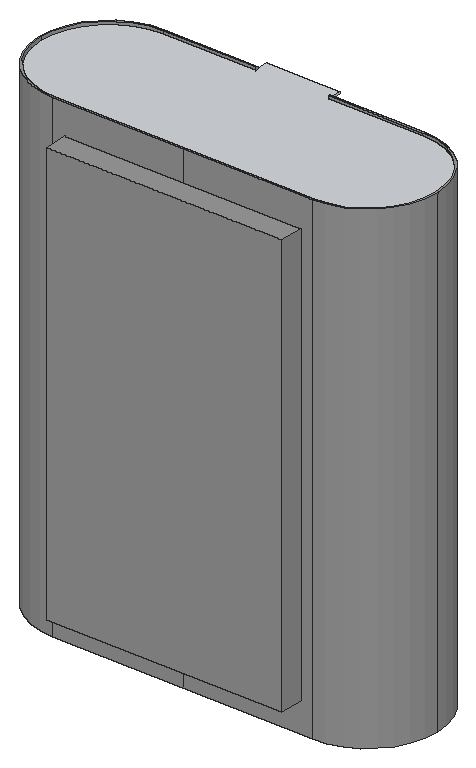
Revit family "3305 Björk_Sanitary bin", category Furniture Systems, host Wall, Revit 2017
Family settings
  Host = Wall
  Round Connector Dimension = Use Diameter
  Part Type = Normal
  Always vertical = Yes
  Cut with Voids When Loaded = No
  Shared = No
  Room Calculation Point = No
Parameters (values of type "BLACK")
  Surface Top = BLACK
  Surface Frame = BLACK
  Surface Bottom = BLACK
  Open = no
  Offset from floor = 150 mm
  Closed = yes
Reference planes
  plane 1 "Wall": y = 0
  plane 2 "Center (Left/Right)": x = 125
  plane 3 "Back": y = 75
Text (mm)
  text "Placement Side" at (-1848.837, 1116.779, 0), in view "Ref. Level"
  text "Placement side" at (0, 1409.804, 2854.306), in view "Left"
  text "Placement side" at (0, 499.811, 2980.732), in view "Right"
Dimensions and locks
  locked: plane 3 "Back" to host wall
  "Offset from floor": nested 1 to level
  aligned and locked: plane 1 "Wall" to host wall
  aligned and locked: plane 3 "Back" to nested 1
Nested families
  nested 1: "Master Björk Sanitary bin" at (125, 151.5, 150) x (-1, 0, 0) z (0, 0, 1), type "Master Björk Sanitary bin"
    with Open no
Definition of nested family "Master Björk Sanitary bin"
  Parameters (values of type "Master Björk Sanitary bin")
    Surface Top = none
    Surface Frame = none
    Surface Bottom = none
    Open = yes
    Closed = yes
  Reference planes
    plane 1 "Center (Front/Back)": y = 0
    plane 2: z = 0
    plane 3 "Center (Left/Right)": x = 0
  Dimensions and locks
    aligned and locked: level to plane 2
  Nested families
    nested 1: "Top - Bottom" at (0, 0, 0), visible <- "Closed", type "Top - Bottom"
    nested 2: "Frame" at (0, 0, 0), type "Frame"
    nested 3: "Top - Bottom Open" at (0, 0, 0), visible <- "Open", type "Top - Bottom Open"
  Definition of nested family "Top - Bottom"
    Parameters (values of type "Top - Bottom")
      Surface Frame = none
      Surface Bottom = none
    Reference planes
      plane 1 "Center (Front/Back)": y = 0
      plane 2: z = 0
      plane 3 "Center (Left/Right)": x = 0
    Forms (mm)
      Extrusion 1, solid, material <- "Surface Bottom"
        sketch origin (0, 129.723, 20) x (0, -1, 0) y (1, 0, 0)
          loop
            arc (73.723, -107.5) -> (90.125, -147.098) -> (129.723, -163.5) r 56
            arc (129.723, -163.5) -> (169.321, -147.098) -> (185.723, -107.5) r 56
            line (185.723, -107.5) -> (185.723, 107.5)
            arc (185.723, 107.5) -> (169.321, 147.098) -> (129.723, 163.5) r 56
            arc (129.723, 163.5) -> (90.125, 147.098) -> (73.723, 107.5) r 56
            line (73.723, 107.5) -> (73.723, -107.5)
        from 0 to 1.5
      Extrusion 2, solid
        sketch origin (0, 129.723, 396.5) x (0, -1, 0) y (1, 0, 0)
          loop
            arc (73.723, -107.5) -> (90.125, -147.098) -> (129.723, -163.5) r 56
            arc (129.723, -163.5) -> (169.321, -147.098) -> (185.723, -107.5) r 56
            line (185.723, -107.5) -> (185.723, -30) -> (197.223, -30) -> (197.223, 0) -> (197.223, 30) -> (185.723, 30) -> (185.723, 107.5)
            arc (185.723, 107.5) -> (169.321, 147.098) -> (129.723, 163.5) r 56
            arc (129.723, 163.5) -> (90.125, 147.098) -> (73.723, 107.5) r 56
            line (73.723, 107.5) -> (73.723, -107.5)
        from 0 to 1.5
    Lines and regions (mm)
      reference lines
        curve 1: line (0, 129.723, 396.5) -> (0, -190.277, 396.5)
        curve 2: line (0, 129.723, 20) -> (0, -150.277, 20)
    Dimensions and locks
      aligned and locked: level to plane 2
  Definition of nested family "Frame"
    Parameters (values of type "Frame")
      Surface Top = none
      Surface Frame = none
      Surface Bottom = none
    Reference planes
      plane 1 "Center (Front/Back)": y = 0
      plane 2: z = 0
      plane 3 "Center (Left/Right)": x = 0
    Forms (mm)
      Extrusion 1, solid, material <- "Surface Frame"
        sketch origin (0, 0, 0) x (1, 0, 0) y (0, 1, 0)
          loop
            line (0, 57.5) -> (-107.5, 57.5)
            arc (-107.5, 57.5) -> (-148.159, 40.659) -> (-165, 0) r 57.5
            arc (-165, 0) -> (-148.159, -40.659) -> (-107.5, -57.5) r 57.5
            line (-107.5, -57.5) -> (0, -57.5) -> (107.5, -57.5)
            arc (107.5, -57.5) -> (148.159, -40.659) -> (165, 0) r 57.5
            arc (165, 0) -> (148.159, 40.659) -> (107.5, 57.5) r 57.5
            line (107.5, 57.5) -> (0, 57.5)
          loop
            arc (-107.5, 56) -> (-147.098, 39.598) -> (-163.5, 0) r 56
            arc (-163.5, 0) -> (-147.098, -39.598) -> (-107.5, -56) r 56
            line (-107.5, -56) -> (107.5, -56)
            arc (107.5, -56) -> (147.098, -39.598) -> (163.5, 0) r 56
            arc (163.5, 0) -> (147.098, 39.598) -> (107.5, 56) r 56
            line (107.5, 56) -> (-107.5, 56)
        from 0 to 400
      Extrusion 2, solid, material <- "Surface Frame"
        sketch origin (0, 57.5, 0) x (-1, 0, 0) y (0, 0, 1)
          loop
            line (-97.5, 375) -> (-97.5, 25) -> (97.5, 25) -> (97.5, 375) -> (-97.5, 375)
        from 0 to 19
      Extrusion 3, void
        sketch origin (0, 0, 0) x (1, 0, 0) y (0, 1, 0)
          loop
            line (-30, -53.768) -> (-30, -68.768) -> (30, -68.768) -> (30, -53.768) -> (-30, -53.768)
        from 396.5 to 403.782
    Cuts and joins
      Extrusion 3 cuts Extrusion 1
    Dimensions and locks
      cut or joined group of Extrusion 1, Extrusion 3 to cut or joined group of Extrusion 1, Extrusion 3 = 3.5 mm
      aligned and locked: level to plane 2
  Definition of nested family "Top - Bottom Open"
    Parameters (values of type "Top - Bottom Open")
      Surface Frame = none
      Surface Bottom = none
    Reference planes
      plane 1 "Center (Front/Back)": y = 0
      plane 2: z = 0
      plane 3 "Center (Left/Right)": x = 0
    Forms (mm)
      Extrusion 1, solid, material <- "Surface Bottom"
        sketch origin (0, 129.723, 20) x (0, -1, 0) y (1, 0, 0)
          loop
            arc (73.723, -107.5) -> (90.125, -147.098) -> (129.723, -163.5) r 56
            arc (129.723, -163.5) -> (169.321, -147.098) -> (185.723, -107.5) r 56
            line (185.723, -107.5) -> (185.723, 107.5)
            arc (185.723, 107.5) -> (169.321, 147.098) -> (129.723, 163.5) r 56
            arc (129.723, 163.5) -> (90.125, 147.098) -> (73.723, 107.5) r 56
            line (73.723, 107.5) -> (73.723, -107.5)
        from 0 to 1.5
      Extrusion 2, solid
        sketch origin (0, 54.5, 324.277) x (0, 0, 1) y (1, 0, 0)
          loop
            arc (73.723, -107.5) -> (90.125, -147.098) -> (129.723, -163.5) r 56
            arc (129.723, -163.5) -> (169.321, -147.098) -> (185.723, -107.5) r 56
            line (185.723, -107.5) -> (185.723, -30) -> (197.223, -30) -> (197.223, 0) -> (197.223, 30) -> (185.723, 30) -> (185.723, 107.5)
            arc (185.723, 107.5) -> (169.321, 147.098) -> (129.723, 163.5) r 56
            arc (129.723, 163.5) -> (90.125, 147.098) -> (73.723, 107.5) r 56
            line (73.723, 107.5) -> (73.723, -107.5)
        from 0 to 1.5
    Lines and regions (mm)
      reference lines
        curve 1: line (0, 129.723, 396.5) -> (0, -190.277, 396.5)
        curve 2: line (0, 129.723, 20) -> (0, -150.277, 20)
    Dimensions and locks
      aligned and locked: level to plane 2
